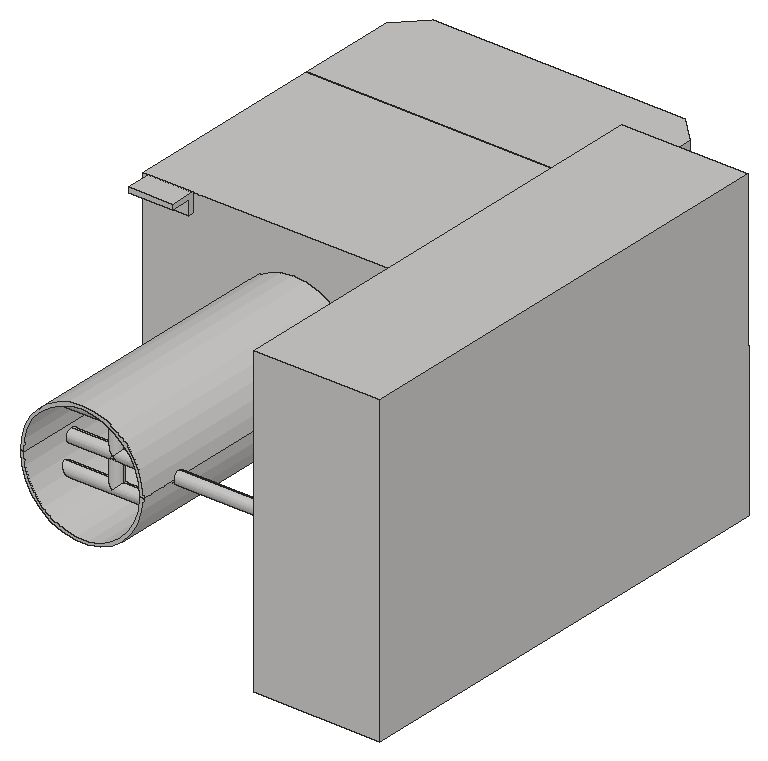
Revit family "Terminal_Unit-Carnes-AVWE-Single_Duct-Hot_Water-1_Row", category Mechanical Equipment, Revit 2012
Parameters (values of type "See Type Catalog")
  ecoScorecard_data = ""
  ecoScorecard Product Page = "http://ecoscorecard.com/"
  Warranty = ""
  Unit = Metal - Carnes - Steel
  URL = "http://www.carnes.com/index.html"
  Subcategory = "Air Volume Terminal Units"  # constant formula
  Spec Sheet URL = "http://www.carnes.com/terminalunits/pdf/20123.pdf"
  Product Page URL = "http://www.carnes.com/TerminalUnits/hwsingleduct.htm"
  Parts List URL = ""
  OD Connection Radius = OD Connection Diameter / 2  # 1/4"
  OD Connection Diameter = 1/2"
  OD Connection 2 = "OD Connection 2"  # constant formula
  OD Connection 1 = "OD Connection 1"  # constant formula
  Motor Type = ""
  Modeling Numbering System = "http://www.carnes.com/terminalunits/pdf/B32.pdf"
  Model = "AVWE05"
  Material = "Galvanized Steel"  # constant formula
  Manufacturer Toll Free Phone = ""
  Manufacturer Phone = "608-845-6411"
  Manufacturer Fax = "608-845-6470"
  Manufacturer Email = "mailto:carnes@carnes.com"
  Manufacturer Address = "448 S. Main St., P. O. Box 930040, Verona, WI 53593-0040"  # constant formula
  Manufacturer = "CARNES COMPANY"  # constant formula
  Inlet Width = 4 7/8"
  Inlet Radius = Inlet Width / 2  # 2 7/16"
  Inlet Height = 4 7/8"
  IOM Instructions URL = "http://www.carnes.com/terminalunits/pdf/18647.pdf"
  H = 3"
  G = 6 1/4"
  Flow Rate = 0.0 L/s
  F = 7 5/8"
  E = 17"
  Description = "Single Duct Terminal Units"  # constant formula
  Default Elevation = 0"
  Cost Info = "mailto:carnes@carnes.com"
  Catalog URL = "http://www.carnes.com/terminalunits/pdf/B28-33.pdf"
  CFM Range = "0-350 (0-165)"
  C = 23 5/8"
  B = 8"
  Assembly Code = "D3040200"
  A = 12"
  95 CSI = "15830"  # constant formula
  04 CSI = "23 34 23"  # constant formula
Reference planes (in)
  plane 1 "Center (Front/Back)": y = 0
  plane 2: z = 0
  plane 3 "Center (Left/Right)": x = 0
  plane 4: y = 11.8125
  plane 5: y = -11.8125
  plane 6: x = -6
  plane 7: x = 6
Dimensions and locks (in)
  equal spacing: plane 5, plane 1 "Center (Front/Back)", plane 4
  "C": plane 5 to plane 4
  equal spacing: plane 4, plane 1 "Center (Front/Back)", plane 5
  equal spacing: plane 6, plane 3 "Center (Left/Right)", plane 7
  "A": plane 6 to plane 7
  aligned and locked: level to plane 2
  aligned and locked: level to nested 1
  aligned and locked: nested 1 to plane 3 "Center (Left/Right)"
Nested families (in)
  nested 1: "1Row-New" at (0, 0, 6.0625) x (0, -1, 0) z (0, 0, 1), type "1Row-New"
Connectors (in)
  piping at (9, 9.3125, 9.1875), driven by "Flow Rate", driven by "OD Connection Radius", driven by "OD Connection 1"
    settings: on nested 1, index 1, connector radius 6.35 mm, flow factor 0, pipe flow 0.0 L/s, pressure drop 0.0 Pa, fitting loss kfactor 0, connector angle 0.00°, fixture units 0, engagement length 0", flow configuration 0, flow direction 0, fitting loss method 0, system type 7, joint type 0, gender type 0, connector reference index -1, connector utility 0, adjustable connector no, is connector primary yes, fitting loss table "", connector description "OD Connection 1"
  piping at (9, 9.3125, 2.9375), driven by "OD Connection 2", driven by "OD Connection Radius", driven by "Flow Rate"
    settings: on nested 1, index 2, connector radius 6.35 mm, flow factor 0, pipe flow 0.0 L/s, pressure drop 0.0 Pa, fitting loss kfactor 0, connector angle 0.00°, fixture units 0, engagement length 0", flow configuration 0, flow direction 0, fitting loss method 0, system type 8, joint type 0, gender type 0, connector reference index -1, connector utility 0, adjustable connector no, is connector primary no, fitting loss table "", connector description "OD Connection 2"
  hvac at (0, -11.8125, 6.0625), driven by "Inlet Radius", driven by "Flow Rate"
    settings: on nested 1, index 3, duct flow 0.0 L/s, flow factor 0, pres drop 0.0 Pa, loss coef 0, conn angle 0.00°, conn width 304.8 mm, conn height 304.8 mm, conn radius 61.913 mm, duct sys type 1, conn prof type 0, flow config 0, flow direction 1, loss method 0, conn ref index -1, conn util no, is conn primary yes, conn desc "Inlet"
  hvac at (0, 10.3125, 6.0625), driven by "B", driven by "A", driven by "Flow Rate"
    settings: on nested 1, index 4, duct flow 0.0 L/s, flow factor 0, pres drop 0.0 Pa, loss coef 0, conn angle 0.00°, conn width 304.8 mm, conn height 203.2 mm, conn radius 304.8 mm, duct sys type 1, conn prof type 1, flow config 0, flow direction 2, loss method 0, conn ref index -1, conn util no, is conn primary no, conn desc "Outlet"
Definition of nested family "1Row-New"
  Parameters (values of type "1Row-New")
    ff = 5"
    Unit = Metal - Carnes - Steel
    Square = C = 26 5/8"  # no
    Round-Duct = not(Square)  # yes
    Offset From base = 0"
    Lines = A > 13"  # no
    Line5 = Inlet Width > 15"  # no
    Line4 = Inlet Width = 4 7/8"  # yes
    Line3 = Inlet Width > 5"  # no
    Line2 = A > 19"  # no
    Inlet Height = 4 7/8"
    H = 3"
    G = 6 1/4"
    F = 7 5/8"
    E = 17"
    DD = D Rad + 2"  # 4 5/16"
    D/4 = Inlet Height / 4  # 1 7/32"
    D Rad = if(C = 26 5/8", Inlet Width / 2 + 6", Inlet Width / 2 - 1" / 8)  # 2 5/16"
    Inlet Width = 4 7/8"
    C = 23 5/8"
    Bracket Length = if(A = 12", 2", if(A = 14", 2", if(A = 14", 2", if(A = 16", 2", if(A = 20", 2 1/2", 3")))))  # 2"
    B = 8"
    A = 12"
  Reference planes (in)
    plane 1 "Center (Front/Back)": y = 0
    plane 2: z = 0
    plane 3 "Center (Left/Right)": x = 0
    plane 4: y = 6
    plane 5: y = -11
    plane 6: y = -6
    plane 7: z = 0
    plane 8: z = 3.8125
    plane 9: z = -3.8125
    plane 10: z = 4
    plane 11: z = -4
    plane 12: z = 2.4375
    plane 13: z = -2.4375
    plane 14: x = -11.8125
    plane 15: x = 11.8125
    plane 16: x = 10.8125
    plane 17: x = -7.4375
    plane 18: x = 1.3125
    plane 19: z = 6.0625
    plane 20: z = -6.0625
    plane 21: y = 2.4375
    plane 22: y = -2.4375
    plane 23: y = 2.3125
    plane 24: y = -1.6875
    plane 25: x = -6.8125
    plane 26: x = -2.75
    plane 27: z = 1.21875
    plane 28: z = -1.21875
    plane 29: x = 10.0625
    plane 30: y = 1.8125
    plane 31: z = 3.25
    plane 32: x = -5.25
    plane 33: x = -0.25
    plane 34: y = 6.25
    plane 35: x = 2.3125
    plane 36: y = -5.24442
    plane 37: y = 5.24442
    plane 38: y = -4
    plane 39: y = 4
    plane 40: x = 1.3125
  Forms (in)
    Extrusion 1, solid, material "Metal - Carnes - Steel" <- "Unit", detail levels medium+fine
      sketch origin (0, 0, 0) x (1, 0, 0) y (0, 1, 0)
        loop
          line (-7.4375, -11) -> (10.8125, -11) -> (10.8125, -6) -> (-7.4375, -6) -> (-7.4375, -11)
      from -6.0625 to 6.0625
    Extrusion 2, solid, material "Metal - Carnes - Steel" <- "Unit", detail levels medium+fine
      sketch origin (0, 0, 0) x (1, 0, 0) y (0, 1, 0)
        loop
          line (-6.8125, 6) -> (-6.8125, -6) -> (1.3125, -6) -> (1.3125, 6) -> (-6.8125, 6)
      from -4 to 4
    Extrusion 3, solid, material "Metal - Carnes - Steel" <- "Unit", detail levels fine
      sketch origin (-40.92857, 6, 47.24409) x (-1, 0, 0) y (0, 0, 1)
        loop
          line (-40.67857, -44.74409) -> (-40.67857, -49.74409) -> (-35.67857, -49.74409) -> (-35.67857, -44.74409) -> (-40.67857, -44.74409)
      from 0 to 0.25
    Sweep 4, solid, material "Metal - Carnes - Steel" <- "Unit", detail levels medium+fine
      path origin (10.0625, 0, 39.1875) x (0, 0, -1) y (0, 1, 0)
        loop
          line (37.96875, 2.3125) -> (37.96875, -2.3125)
      profile origin (10.0625, 0, 1.21875) x (0, 0, -1) y (1, 0, 0)
        loop
          circle (0, 0) r 0.25
        loop
          circle (2.4375, 0) r 0.25
    Sweep 5, solid, material "Metal - Carnes - Steel" <- "Unit", detail levels medium+fine
      path origin (10.0625, 0, 39.1875) x (0, 0, -1) y (0, 1, 0)
        loop
          line (40.40625, 0) -> (37.96875, 0)
      profile origin (10.0625, 0, 0) x (0, -1, 0) y (1, 0, 0)
        loop
          circle (0, 0) r 0.25
    Sweep 6, solid, material "Metal - Carnes - Steel" <- "Unit", detail levels medium+fine
      path origin (10.0625, 0, 36.68823) x (0, 0, -1) y (0, 1, 0)
        loop
          line (36.68823, -6) -> (36.68823, 1.8125)
      profile origin (10.0625, -2.09375, 0) x (0, 0, 1) y (1, 0, 0)
        loop
          circle (0, 0) r 0.25
    Extrusion 7, solid, material "Metal - Carnes - Steel" <- "Unit", detail levels fine
      sketch origin (1.3125, -60, 23.05387) x (0, 0, -1) y (0, 1, 0)
        loop
          line (19.05387, 64) -> (19.80387, 64) -> (19.80387, 65.75) -> (19.05387, 65.75) -> (19.05387, 64)
        loop
          line (19.05387, 56) -> (19.05387, 54.25) -> (19.80387, 54.25) -> (19.80387, 56) -> (19.05387, 56)
      from 0 to 1
    Extrusion 8, solid, material "Metal - Carnes - Steel" <- "Unit", detail levels coarse
      sketch origin (0, 0, 0) x (1, 0, 0) y (0, 1, 0)
        loop
          line (-11.8125, 6) -> (-11.8125, -11) -> (11.8125, -11) -> (11.8125, 6) -> (-11.8125, 6)
      from -3.8125 to 3.8125
    Sweep 9, solid, material "Metal - Carnes - Steel" <- "Unit", visible <- "Square", detail levels medium+fine
      path origin (-41.32693, -60, 0) x (-1, 0, 0) y (0, -1, 0)
        loop
          line (-42.63943, -60) -> (-53.13943, -60)
      profile origin (6.5625, 0, 0) x (0, 1, 0) y (0, 0, 1)
        loop
          line (-2.4375, -2.4375) -> (2.4375, -2.4375) -> (2.4375, 2.4375) -> (-2.4375, 2.4375) -> (-2.4375, -2.4375)
        loop
          line (2.3125, 2.3125) -> (-2.3125, 2.3125) -> (-2.3125, -2.3125) -> (2.3125, -2.3125) -> (2.3125, 2.3125)
    Revolve 10, solid, material "Metal - Carnes - Steel" <- "Unit", visible <- "Round-Duct", detail levels medium+fine
      sketch origin (-41.32693, -60, 0) x (-1, 0, 0) y (0, -1, 0)
        loop
          line (-42.63943, -62.3125) -> (-53.13943, -62.3125) -> (-53.13943, -62.4375) -> (-42.63943, -62.4375) -> (-42.63943, -62.3125)
        axis (-42.63943, -60) -> (-53.13943, -60)
      angle from 0 to 360
    Extrusion 11, void
      sketch origin (0, 0, 0) x (0, 1, 0) y (0, 0, 1)
        loop
          circle (0, 0) r 2.3125
        loop
          line (-4.3125, 4.3125) -> (-4.3125, -4.3125) -> (4.3125, -4.3125) -> (4.3125, 4.3125) -> (-4.3125, 4.3125)
      from 0 to 12
    Extrusion 12, void
      sketch origin (0, 0, 0) x (1, 0, 0) y (0, 0, 1)
        loop
          line (2.3125, 3.25) -> (2.3125, 3.8125) -> (1.5, 3.8125) -> (1.5, 3.25) -> (2.3125, 3.25)
      from 6 to -6
  Cuts and joins
    Extrusion 11 cuts Sweep 4
    joined: Sweep 4, Sweep 5
    Extrusion 12 cuts Extrusion 7
  Lines and regions (in)
    symbolic lines, detail levels coarse
      curve 1: line (-11.8125, 6, 0) -> (11.8125, 6, 0)
      curve 2: line (-11.8125, -11, 0) -> (-11.8125, 6, 0)
      curve 3: line (11.8125, -11, 0) -> (-11.8125, -11, 0)
      curve 4: line (11.8125, 6, 0) -> (11.8125, -11, 0)
      curve 20: line (0, 6, 6.0625) -> (0, -11, 6.0625)
      curve 22: line (0, 6, -6.0625) -> (0, -11, -6.0625)
      curve 23: line (0, 6, -6.0625) -> (0, 6, 6.0625)
      curve 25: line (0, -11, -6.0625) -> (0, -11, 6.0625)
      curve 39: line (-11.8125, 0, 3.8125) -> (11.8125, 0, 3.8125)
      curve 40: line (11.8125, 0, -3.8125) -> (11.8125, 0, 3.8125)
      curve 41: line (-11.8125, 0, -3.8125) -> (-11.8125, 0, 3.8125)
      curve 42: line (-11.8125, 0, -3.8125) -> (11.8125, 0, -3.8125)
    symbolic lines, detail levels medium+fine
      curve 5: line (1.3125, 6, 0) -> (-6.8125, 6, 0)
      curve 6: line (-7.4375, -6, 0) -> (10.8125, -6, 0)
      curve 7: line (-7.4375, -6, 0) -> (-7.4375, -11, 0)
      curve 8: line (-7.4375, -11, 0) -> (10.8125, -11, 0)
      curve 9: line (10.8125, -11, 0) -> (10.8125, -6, 0)
      curve 10: line (1.3125, -6, 0) -> (1.3125, 6, 0)
      curve 21: line (0, -11, -6.0625) -> (0, -11, 6.0625)
      curve 24: line (0, -6, 6.0625) -> (0, -11, 6.0625)
      curve 26: line (0, -6, -6.0625) -> (0, -6, 6.0625)
      curve 27: line (0, -6, -6.0625) -> (0, -11, -6.0625)
      curve 28: line (0, 6, 4) -> (0, -6, 4)
      curve 29: line (0, 6, -4) -> (0, -6, -4)
      curve 30: line (0, 6, -4) -> (0, 6, 4)
      curve 31: line (0, -5.75, 3.75) -> (0, 5.75, 3.75)
      curve 32: line (0, 5.75, 3.75) -> (0, 5.75, -3.75)
      curve 33: line (0, 5.75, -3.75) -> (0, -5.75, -3.75)
      curve 34: line (0, -5.75, -3.75) -> (0, -5.75, 3.75)
      curve 35: line (0, -5, -4) -> (0, -5, -3.75)
      curve 36: line (0, 5, -3.75) -> (0, 5, -4)
      curve 37: line (0, 5, 4) -> (0, 5, 3.75)
      curve 38: line (0, -5, 3.75) -> (0, -5, 4)
      curve 43: line (-7.4375, 0, 6.0625) -> (10.8125, 0, 6.0625)
      curve 44: line (-7.4375, 0, -6.0625) -> (10.8125, 0, -6.0625)
      curve 45: line (10.8125, 0, -6.0625) -> (10.8125, 0, 6.0625)
      curve 46: line (-7.4375, 0, -6.0625) -> (-7.4375, 0, 6.0625)
      curve 47: line (10.8125, 0, 2.4375) -> (11.8125, 0, 2.4375)
      curve 48: line (10.8125, 0, -2.4375) -> (11.8125, 0, -2.4375)
      curve 49: line (11.8125, 0, -2.4375) -> (11.8125, 0, 2.4375)
      curve 50: line (-6.8125, -6, 0) -> (-6.8125, 6, 0)
      curve 51: line (11.8125, -2.437, 0) -> (11.8125, 2.4375, 0)
      curve 52: line (1.3125, 2.4375, 0) -> (11.8125, 2.4375, 0)
      curve 53: line (1.3125, -2.437, 0) -> (11.8125, -2.437, 0)
      curve 54: line (9.8125, -6, 0) -> (9.8125, -2.437, 0)
      curve 55: line (10.3125, -6, 0) -> (10.3125, -2.4375, 0)
      curve 62: line (-6.8125, -6, 0) -> (-2.75, -6, 0)
    symbolic lines, detail levels fine
      curve 11: line (2.3125, 5.75, 0) -> (1.3125, 5.75, 0)
      curve 12: line (2.3125, -5.75, 0) -> (2.3125, -4, 0)
      curve 13: line (1.3125, 4, 0) -> (2.3125, 4, 0)
      curve 14: line (2.3125, -4, 0) -> (1.3125, -4, 0)
      curve 15: line (1.3125, -5.75, 0) -> (2.3125, -5.75, 0)
      curve 16: line (2.3125, 4, 0) -> (2.3125, 5.75, 0)
      curve 17: line (-5.25, 6.25, 0) -> (-5.25, 6, 0)
      curve 18: line (-5.25, 6.25, 0) -> (-0.25, 6.25, 0)
      curve 19: line (-0.25, 6.25, 0) -> (-0.25, 6, 0)
    symbolic lines, visible <- "Lines", detail levels medium+fine
      curve 56: line (-6.8125, 0, 4) -> (1.3125, 0, 4)
      curve 57: line (1.3125, 0, 6.0625) -> (1.3125, 0, 4)
      curve 60: line (1.3125, 0, -6.0625) -> (1.3125, 0, -4)
      curve 61: line (1.3125, 0, -4) -> (-7.4375, 0, -4)
      curve 63: line (0, -6, 4) -> (0, -6, 6.0625)
      curve 64: line (0, -6, -6.0625) -> (0, -6, -4)
    symbolic lines, visible <- "Line2", detail levels medium+fine
      curve 58: line (10.8125, 0, -2.4375) -> (1.3125, 0, -2.4375)
      curve 59: line (1.3125, 0, 2.4375) -> (10.8125, 0, 2.4375)
  Dimensions and locks (in)
    equal spacing: plane 6, plane 1 "Center (Front/Back)", plane 4
    "A": plane 6 to plane 4
    "Offset From base": plane 7 to level
    equal spacing: plane 8, plane 7, plane 9
    "F": plane 8 to plane 9
    equal spacing: plane 10, plane 7, plane 11
    "B": plane 10 to plane 11
    equal spacing: plane 12, plane 7, plane 13
    "Inlet Height": plane 12 to plane 13
    equal spacing: plane 14, plane 3 "Center (Left/Right)", plane 15
    "C": plane 15 to plane 14
    locked: plane 5 to plane 6 at 5
    locked: plane 16 to plane 15 at 1
    locked: plane 17 to plane 16 at 18.25
    locked: plane 18 to plane 15 at 10.5
    equal spacing: plane 19, plane 7, plane 20
    plane 19 to plane 20 = 12 1/8"
    equal spacing: plane 22, plane 1 "Center (Front/Back)", plane 21
    "Inlet Width": plane 22 to plane 21
    locked: plane 21 to plane 23 at 0.125
    locked: plane 22 to plane 24 at 0.75
    locked: plane 14 to plane 25 at 5
    equal spacing: plane 25, plane 26, plane 18
    locked: plane 15 to plane 29 at 1.75
    locked: plane 30 to plane 23 at 0.5
    locked: plane 10 to Extrusion 7 sketch curve at 0.75
    locked: plane 10 to plane 31 at 0.75
    curve 54 to plane 29 to curve 55 = 1/4" locked, 1/4" locked
    plane 32 to plane 26 to plane 33 = 2 1/2" locked, 2 1/2" locked
    locked: plane 34 to plane 4 at 0.25
    locked: plane 18 to plane 35 at 1
    "D/4": plane 12 to plane 27
    "D/4": plane 13 to plane 28
    "Bracket Length": plane 39 to plane 4
    "Bracket Length": plane 38 to plane 6
    locked: plane 12 to Sweep 9 sketch curve at 0.125
    locked: Sweep 9 sketch curve to plane 22 at 0.125
    locked: plane 13 to Sweep 9 sketch curve at 0.125
    locked: plane 21 to Sweep 9 sketch curve at 0.125
    equal spacing: Extrusion 11 sketch curve, plane 7, Extrusion 11 sketch curve
    "DD": Extrusion 11 sketch curve to plane 7
    equal spacing: Extrusion 11 sketch curve, plane 1 "Center (Front/Back)", Extrusion 11 sketch curve
    "DD": plane 1 "Center (Front/Back)" to Extrusion 11 sketch curve
    locked: plane 10 to Extrusion 12 sketch curve at 0.1875
    "ff": Extrusion 3 sketch curve to Extrusion 3 sketch curve  (x2)
    equal spacing: Extrusion 3 sketch curve, plane 26, Extrusion 3 sketch curve
    equal spacing: Extrusion 3 sketch curve, plane 7, Extrusion 3 sketch curve
    locked: plane 35 to plane 40 at 1
    locked: Extrusion 12 sketch curve to plane 40 at 0.1875
    "D Rad": radius of Extrusion 11 sketch curve
    aligned and locked: level to plane 2
    aligned and locked: plane 5 to Extrusion 1 sketch curve
    aligned and locked: Extrusion 1 sketch curve to plane 6
    aligned and locked: plane 16 to Extrusion 1 sketch curve
    aligned and locked: plane 17 to Extrusion 1 sketch curve
    aligned and locked: plane 19 to Extrusion 1
    aligned and locked: plane 20 to Extrusion 1
    aligned and locked: Extrusion 2 sketch curve to plane 4
    aligned and locked: plane 18 to Extrusion 2 sketch curve
    aligned and locked: Extrusion 2 sketch curve to plane 6
    aligned and locked: plane 10 to Extrusion 2
    aligned and locked: plane 11 to Extrusion 2
    aligned and locked: plane 25 to Extrusion 2 sketch curve
    aligned and locked: Sweep 4 sketch curve to plane 27  (x2)
    aligned and locked: Sweep 4 sketch curve to plane 29  (x2)
    aligned and locked: Sweep 4 sketch curve to plane 28
    aligned and locked: plane 1 "Center (Front/Back)" to Sweep 5 sketch curve
    aligned and locked: plane 29 to Sweep 5 sketch curve
    aligned and locked: plane 30 to Sweep 6 sketch curve
    aligned and locked: Sweep 6 sketch curve to plane 7
    aligned and locked: plane 6 to Sweep 6 sketch curve
    aligned and locked: Extrusion 7 sketch curve to plane 10
    aligned and locked: plane 10 to Extrusion 7 sketch curve
    aligned and locked: plane 7 to nested 1
    aligned and locked: Extrusion 7 to plane 31  (x2)
    aligned and locked: Extrusion 8 sketch curve to plane 4
    aligned and locked: plane 5 to Extrusion 8 sketch curve
    aligned and locked: curve 5 to nested 1
    aligned and locked: nested 1 to curve 6
    aligned and locked: curve 7 to Extrusion 1
    aligned and locked: curve 8 to Extrusion 1
    aligned and locked: curve 9 to Extrusion 1
    aligned and locked: Extrusion 7 to curve 11
    aligned and locked: curve 12 to Extrusion 7
    aligned and locked: curve 15 to Extrusion 7
    aligned and locked: Extrusion 7 to curve 16
    aligned and locked: plane 19 to curve 20
    aligned and locked: curve 21 to plane 5
    aligned and locked: curve 22 to plane 20
    aligned and locked: plane 4 to curve 23
    aligned and locked: plane 19 to curve 24
    aligned and locked: plane 6 to curve 26
    aligned and locked: curve 27 to plane 20
    aligned and locked: plane 10 to curve 28
    aligned and locked: curve 29 to plane 11
    aligned and locked: plane 4 to curve 30
    aligned and locked: curve 31 to nested 1
    aligned and locked: curve 32 to nested 1
    aligned and locked: curve 33 to nested 1
    aligned and locked: curve 34 to nested 1
    aligned and locked: nested 1 to curve 35
    aligned and locked: curve 36 to nested 1
    aligned and locked: nested 1 to curve 37
    aligned and locked: curve 38 to nested 1
    aligned and locked: curve 40 to plane 15
    aligned and locked: curve 43 to plane 19
    aligned and locked: plane 20 to curve 44
    aligned and locked: curve 45 to plane 16
    aligned and locked: curve 46 to plane 17
    aligned and locked: plane 13 to curve 48
    aligned and locked: curve 49 to plane 15
    aligned and locked: plane 15 to curve 51
    aligned and locked: plane 6 to curve 55
    aligned and locked: plane 6 to curve 54
    aligned and locked: plane 9 to Extrusion 8
    aligned and locked: plane 8 to Extrusion 8
    aligned and locked: plane 14 to Extrusion 8
    aligned and locked: Extrusion 8 to plane 15
    aligned and locked: curve 39 to plane 8
    aligned and locked: curve 41 to plane 14
    aligned and locked: plane 9 to curve 42
    aligned and locked: curve 56 to plane 10
    aligned and locked: curve 57 to plane 18
    aligned and locked: curve 59 to curve 57
    aligned and locked: curve 59 to plane 12
    aligned and locked: plane 25 to nested 1
    aligned and locked: plane 14 to nested 1
    aligned and locked: curve 19 to plane 33
    aligned and locked: plane 32 to curve 17
    aligned and locked: curve 18 to plane 34
    aligned and locked: plane 25 to curve 5
    aligned and locked: nested 1 to curve 56
    aligned and locked: curve 58 to curve 60
    aligned and locked: curve 61 to Extrusion 2
    aligned and locked: plane 25 to curve 62
    aligned and locked: plane 26 to curve 62
    aligned and locked: curve 62 to plane 6
    aligned and locked: curve 24 to curve 63
    aligned and locked: curve 63 to Extrusion 2
    aligned and locked: curve 63 to curve 26
    aligned and locked: curve 27 to curve 64
    aligned and locked: Extrusion 2 to curve 64
    aligned and locked: curve 64 to curve 26
    aligned and locked: plane 39 to curve 13
    aligned and locked: curve 14 to plane 38
    aligned and locked: Extrusion 7 to plane 38
    aligned and locked: plane 39 to Extrusion 7
    aligned and locked: plane 15 to Sweep 9 sketch curve
    aligned and locked: plane 18 to Sweep 9 sketch curve
    aligned and locked: plane 1 "Center (Front/Back)" to Sweep 9 sketch curve
    aligned and locked: Sweep 9 sketch curve to plane 22
    aligned and locked: plane 12 to Sweep 9 sketch curve
    aligned and locked: plane 21 to Sweep 9 sketch curve
    aligned and locked: Sweep 9 sketch curve to plane 13
    aligned and locked: Sweep 9 to Sweep 4 sketch curve  (x2)
    aligned and locked: Extrusion 1 to curve 58
    aligned and locked: Extrusion 1 to curve 59
    aligned and locked: Extrusion 2 to curve 53
    aligned and locked: Extrusion 2 to curve 52
    aligned and locked: Sweep 9 to curve 55
    aligned and locked: curve 52 to plane 21
    aligned and locked: Revolve 10 sketch curve to plane 23
    aligned and locked: Revolve 10 sketch curve to plane 21
    aligned and locked: plane 15 to Revolve 10 sketch curve
    aligned and locked: plane 18 to Revolve 10 sketch curve
    aligned and locked: plane 1 "Center (Front/Back)" to Revolve 10 sketch curve
    aligned and locked: plane 7 to Extrusion 11 sketch curve
    aligned and locked: plane 1 "Center (Front/Back)" to Extrusion 11 sketch curve
    aligned and locked: Extrusion 8 to Extrusion 12
    aligned and locked: Extrusion 12 to Extrusion 1
    aligned and locked: cut or joined group of Extrusion 7, Extrusion 12 to plane 35
    aligned and locked: cut or joined group of Extrusion 7, Extrusion 12 to plane 40
    aligned and locked: Extrusion 12 sketch curve to plane 35
  Automatic sketch dimensions
    Sweep 5 sketch curve to plane 1 "Center (Front/Back)" = 0"
    Sweep 5 sketch curve to plane 27 = 0"
    plane 28 to Sweep 5 sketch curve = 0"
    Sweep 6 sketch curve to plane 29 = 0"
    Sweep 6 sketch curve to profile plane = 0"
    curve 61 to plane 25 = 5/8"
    plane 5 to curve 3 = 0"
    curve 3 to plane 14 = 0"
    plane 5 to curve 8 = 0"
    curve 8 to plane 17 = 0"
    plane 35 to curve 16 = 0"
    plane 35 to curve 15 = 0"
    curve 9 to plane 16 = 0"
    curve 4 to plane 4 = 0"
    curve 4 to plane 15 = 0"
    curve 17 to plane 4 = 0"
    plane 6 to curve 15 = 1/4"
    curve 16 to plane 4 = 1/4"
    Extrusion 7 sketch curve to plane 31 = 0"
    Extrusion 8 sketch curve to plane 14 = 0"
    Extrusion 8 sketch curve to plane 15 = 0"
    plane 4 to Extrusion 7 sketch curve = 1/4"
    Extrusion 7 sketch curve to plane 21 = 1 9/16"
    Extrusion 7 sketch curve to plane 22 = 1 9/16"
    Extrusion 7 sketch curve to plane 6 = 1/4"
    curve 58 to plane 18 = 0"
    curve 47 to plane 12 = 0"
    curve 54 to plane 22 = 0.0005"
    Revolve 10 sketch curve to plane 29 = 1 3/4"
    Revolve 10 sketch curve to Revolve 10 sketch curve = 3"
    Extrusion 12 sketch curve to plane 31 = 0"
    radius of Sweep 5 sketch curve = 1/4"
    radius of Sweep 6 sketch curve = 1/4"
    radius of Sweep 4 sketch curve = 1/4"  (x2)
  Nested families (in)
    nested 1: "Family3" at (-9.3125, 0, -4) x (0, 1, 0) z (0, 0, 1), type "Family3"
      with Thickness 5", G 6 1/4", B 8"
  Definition of nested family "Family3"
    Parameters (values of type "Family3")
      Unit = Metal - Carnes - Steel
      Thickness [instance] = 7.38026"
      Lines = A > 13"  # no
      Line = A > 20"  # no
      Hatch = Metal - Carnes - Aluminium
      H = 3"
      G = 8 3/4"
      B = 10"
      A = 12"
    Reference planes (in)
      plane 1 "Center (Front/Back)": y = 0
      plane 2: z = 0
      plane 3 "Center (Left/Right)": x = 0
      plane 4: x = -6
      plane 5: x = 6
      plane 6: z = 10
      plane 7: x = -9
      plane 8: z = 9.375
      plane 9 "Center": z = 5
      plane 10: z = 0.625
      plane 11: y = 3.69013
      plane 12: y = -3.69013
      plane 13: x = 6.69576
      plane 14: y = 0.25
      plane 15: y = -0.25
      plane 16: z = 1.875
      plane 17: z = 3.125
      plane 18: z = 4.375
      plane 19: z = 5.625
      plane 20: z = 6.875
      plane 21: z = 8.125
      plane 22: y = -3.06513
      plane 23: z = 11.0625
      plane 24: z = -1.0625
      plane 25: y = -4.44013
    Forms (in)
      Sweep 1, solid, material "Metal - Carnes - Steel" <- "Unit", detail levels medium+fine
        path origin (0, 0, 0) x (1, 0, 0) y (0, 0, 1)
          loop
            line (-9, 0.625) -> (6, 0.625)
            arc (6, 0.625) -> (6.625, 1.25) -> (6, 1.875) r 0.625
            line (6, 1.875) -> (-6, 1.875)
            arc (-6, 1.875) -> (-6.625, 2.5) -> (-6, 3.125) r 0.625
            line (-6, 3.125) -> (6, 3.125)
            arc (6, 3.125) -> (6.625, 3.75) -> (6, 4.375) r 0.625
            line (6, 4.375) -> (-6, 4.375)
            arc (-6, 4.375) -> (-6.625, 5) -> (-6, 5.625) r 0.625
            line (-6, 5.625) -> (6, 5.625)
            arc (6, 5.625) -> (6.625, 6.25) -> (6, 6.875) r 0.625
            line (6, 6.875) -> (-6, 6.875)
            arc (-6, 6.875) -> (-6.625, 7.5) -> (-6, 8.125) r 0.625
            line (-6, 8.125) -> (6, 8.125)
            arc (6, 8.125) -> (6.625, 8.75) -> (6, 9.375) r 0.625
            line (6, 9.375) -> (-9, 9.375)
        profile origin (-1.5, 0, 0.625) x (0, 0, 1) y (0, -1, 0)
          loop
            circle (0, 0) r 0.25
      Extrusion 2, solid, material "Metal - Carnes - Steel" <- "Unit", detail levels medium+fine
        sketch origin (0, 0, 0) x (1, 0, 0) y (0, 0, 1)
          loop
            line (-6, 0) -> (6, 0) -> (6, 10) -> (-6, 10) -> (-6, 0)
          loop
            line (-5.75, 9.75) -> (-5.75, 0.25) -> (5.75, 0.25) -> (5.75, 9.75) -> (-5.75, 9.75)
        from -3.69013 to 3.69013
      Extrusion 3, solid, material "Metal - Carnes - Aluminium" <- "Hatch", detail levels medium+fine
        sketch origin (0, 0, 0) x (1, 0, 0) y (0, 0, 1)
          loop
            line (-5.75, 9.75) -> (-5.75, 0.25) -> (5.75, 0.25) -> (5.75, 9.75) -> (-5.75, 9.75)
        from -1 to 1
      Extrusion 4, void
        sketch origin (0, 0, 0) x (1, 0, 0) y (0, 1, 0)
          loop
            line (-6, 4.44013) -> (-6, 2.69013) -> (-5, 3.69013) -> (-5, 4.44013) -> (-6, 4.44013)
          loop
            line (6, 4.44013) -> (5, 4.44013) -> (5, 3.69013) -> (6, 2.69013) -> (6, 4.44013)
        from 10 to 0
    Cuts and joins
      Extrusion 4 cuts Sweep 1
      Extrusion 4 cuts Extrusion 2
      joined: Sweep 1, Extrusion 2
    Lines and regions (in)
      symbolic lines, detail levels medium+fine
        curve 1: line (5, 3.69013, 0) -> (-5, 3.69013, 0)
        curve 2: line (-5, 3.69013, 0) -> (-6, 2.69013, 0)
        curve 3: line (-6, 2.69013, 0) -> (-6, -3.69013, 0)
        curve 4: line (-6, -3.69013, 0) -> (6, -3.69013, 0)
        curve 5: line (6, -3.69013, 0) -> (6, 2.69013, 0)
        curve 6: line (6, 2.69013, 0) -> (5, 3.69013, 0)
        curve 7: line (-9, 0.25, 0) -> (-6, 0.25, 0)
        curve 8: line (-9, -0.25, 0) -> (-6, -0.25, 0)
        curve 9: line (-9, -0.25, 0) -> (-9, 0.25, 0)
        curve 10: line (6, 0.25, 0) -> (6.44576, 0.25, 0)
        curve 11: line (6, -0.25, 0) -> (6.44576, -0.25, 0)
        curve 12: arc (6.44576, 0.25, 0) -> (6.69576, 0, 0) -> (6.44576, -0.25, 0) r 0.25
        curve 13: line (0, 3.69013, 10) -> (0, -3.06513, 10)
        curve 14: line (0, -3.06513, 0) -> (0, 3.69013, 0)
        curve 15: line (0, 3.69013, 0) -> (0, 3.69013, 0.25)
        curve 16: line (0, 3.69013, 0.25) -> (0, 2.94013, 0.25)
        curve 17: line (0, 2.94013, 0.25) -> (0, 2.94013, 9.75)
        curve 18: line (0, 2.94013, 9.75) -> (0, 3.69013, 9.75)
        curve 19: line (0, 2.69013, 10) -> (0, 2.69013, 0)
        curve 20: line (0, 3.69013, 9.75) -> (0, 3.69013, 10)
        curve 21: arc (6, 0, 9.625) -> (6.875, 0, 8.75) -> (6, 0, 7.875) r 0.875
        curve 22: arc (6, 0, 8.375) -> (6.375, 0, 8.75) -> (6, 0, 9.125) r 0.375
        curve 23: arc (6, 0, 5.875) -> (6.375, 0, 6.25) -> (6, 0, 6.625) r 0.375
        curve 24: arc (6, 0, 5.375) -> (6.875, 0, 6.25) -> (6, 0, 7.125) r 0.875
        curve 25: arc (6, 0, 3.375) -> (6.375, 0, 3.75) -> (6, 0, 4.125) r 0.375
        curve 26: arc (6, 0, 2.875) -> (6.875, 0, 3.75) -> (6, 0, 4.625) r 0.875
        curve 27: arc (6, 0, 0.875) -> (6.375, 0, 1.25) -> (6, 0, 1.625) r 0.375
        curve 28: arc (6, 0, 0.375) -> (6.875, 0, 1.25) -> (6, 0, 2.125) r 0.875
        curve 29: arc (-6, 0, 7.125) -> (-6.375, 0, 7.5) -> (-6, 0, 7.875) r 0.375
        curve 30: arc (-6, 0, 6.625) -> (-6.875, 0, 7.5) -> (-6, 0, 8.375) r 0.875
        curve 31: arc (-6, 0, 4.625) -> (-6.375, 0, 5) -> (-6, 0, 5.375) r 0.375
        curve 32: arc (-6, 0, 4.125) -> (-6.875, 0, 5) -> (-6, 0, 5.875) r 0.875
        curve 33: arc (-6, 0, 2.125) -> (-6.375, 0, 2.5) -> (-6, 0, 2.875) r 0.375
        curve 34: arc (-6, 0, 1.625) -> (-6.875, 0, 2.5) -> (-6, 0, 3.375) r 0.875
        curve 35: line (-6, 0, 9.625) -> (-9, 0, 9.625)
        curve 36: line (-9, 0, 9.625) -> (-9, 0, 9.125)
        curve 37: line (-9, 0, 9.125) -> (-6, 0, 9.125)
        curve 38: line (-6, 0, 0.875) -> (-9, 0, 0.875)
        curve 39: line (-9, 0, 0.875) -> (-9, 0, 0.375)
        curve 40: line (-9, 0, 0.375) -> (-6, 0, 0.375)
        curve 41: arc (0, 0, 9.625) -> (0, -0.25, 9.375) -> (0, 0, 9.125) r 0.25
        curve 42: arc (0, 0, 9.125) -> (0, 0.25, 9.375) -> (0, 0, 9.625) r 0.25
        curve 43: line (0, -0.25, 6.875) -> (0, -0.25, 8.125)
        curve 44: line (0, 0.25, 6.875) -> (0, 0.25, 8.125)
        curve 45: arc (0, 0.25, 8.125) -> (0, 0, 8.375) -> (0, -0.25, 8.125) r 0.25
        curve 46: arc (0, 0.25, 6.875) -> (0, 0, 6.625) -> (0, -0.25, 6.875) r 0.25
        curve 47: line (0, -0.25, 4.375) -> (0, -0.25, 5.625)
        curve 48: line (0, 0.25, 4.375) -> (0, 0.25, 5.625)
        curve 49: arc (0, 0.25, 5.625) -> (0, 0, 5.875) -> (0, -0.25, 5.625) r 0.25
        curve 50: arc (0, 0.25, 4.375) -> (0, 0, 4.125) -> (0, -0.25, 4.375) r 0.25
        curve 51: line (0, -0.25, 1.875) -> (0, -0.25, 3.125)
        curve 52: line (0, 0.25, 1.875) -> (0, 0.25, 3.125)
        curve 53: arc (0, 0.25, 3.125) -> (0, 0, 3.375) -> (0, -0.25, 3.125) r 0.25
        curve 54: arc (0, 0.25, 1.875) -> (0, 0, 1.625) -> (0, -0.25, 1.875) r 0.25
        curve 55: arc (0, 0, 0.375) -> (0, -0.25, 0.625) -> (0, 0, 0.875) r 0.25
        curve 56: arc (0, 0, 0.875) -> (0, 0.25, 0.625) -> (0, 0, 0.375) r 0.25
      symbolic lines, visible <- "Lines", detail levels medium+fine
        curve 57: line (0, -3.69013, 0) -> (0, -3.69013, -1.0625)
        curve 58: line (0, -3.69013, 11.0625) -> (0, -3.69013, 10)
        curve 60: line (0, -3.06513, 10) -> (0, -3.69013, 10)
        curve 61: line (0, -3.06513, 0) -> (0, -3.69013, 0)
      symbolic lines, visible <- "Line", detail levels medium+fine
        curve 59: line (0, -3.69013, 11.0625) -> (0, -3.69013, -1.0625)
    Dimensions and locks (in)
      equal spacing: plane 5, plane 3 "Center (Left/Right)", plane 4
      "A": plane 5 to plane 4
      "B": plane 6 to level
      "H": plane 7 to plane 4
      equal spacing: plane 6, plane 9 "Center", level
      equal spacing: plane 8, plane 9 "Center", plane 10
      "G": plane 8 to plane 10
      equal spacing: plane 8, Sweep 1 sketch curve, Sweep 1 sketch curve, Sweep 1 sketch curve, Sweep 1 sketch curve, Sweep 1 sketch curve, Sweep 1 sketch curve, plane 10
      equal spacing: plane 12, plane 1 "Center (Front/Back)", plane 11
      "Thickness": plane 12 to plane 11
      locked: Extrusion 2 sketch curve to Extrusion 2 sketch curve at 0.25
      locked: plane 5 to Extrusion 2 sketch curve at 0.25
      locked: Extrusion 2 sketch curve to level at 0.25
      locked: plane 4 to Extrusion 2 sketch curve at 0.25
      locked: plane 5 to plane 13 at 0.69576
      plane 15 to plane 1 "Center (Front/Back)" to plane 14 = 1/4" locked, 1/4" locked
      equal spacing: plane 8, plane 21, plane 20, plane 19, plane 18, plane 17, plane 16, plane 10
      locked: plane 8 to curve 21 at 0.25
      locked: curve 21 to plane 21 at 0.25
      locked: curve 22 to plane 8 at 0.25
      locked: plane 21 to curve 22 at 0.25
      locked: plane 20 to curve 24 at 0.25
      locked: curve 24 to plane 19 at 0.25
      locked: curve 28 to plane 10 at 0.25
      locked: plane 16 to curve 28 at 0.25
      locked: plane 18 to curve 26 at 0.25
      locked: curve 26 to plane 17 at 0.25
      locked: plane 17 to curve 25 at 0.25
      locked: curve 25 to plane 18 at 0.25
      locked: curve 23 to plane 20 at 0.25
      locked: plane 19 to curve 23 at 0.25
      locked: curve 27 to plane 16 at 0.25
      locked: plane 10 to curve 27 at 0.25
      locked: plane 21 to curve 30 at 0.25
      locked: curve 29 to plane 21 at 0.25
      locked: plane 20 to curve 29 at 0.25
      locked: curve 30 to plane 20 at 0.25
      curve 31 to plane 19 to curve 32 = 1/4" locked, 1/4" locked
      curve 32 to plane 18 to curve 31 = 1/4" locked, 1/4" locked
      curve 33 to plane 17 to curve 34 = 1/4" locked, 1/4" locked
      curve 34 to plane 16 to curve 33 = 1/4" locked, 1/4" locked
      locked: plane 21 to curve 45 at 0.25
      locked: curve 46 to plane 20 at 0.25
      locked: plane 19 to curve 49 at 0.25
      locked: curve 50 to plane 18 at 0.25
      locked: plane 17 to curve 53 at 0.25
      locked: curve 54 to plane 16 at 0.25
      locked: plane 22 to plane 12 at 0.625
      locked: plane 23 to plane 9 "Center" at 6.0625
      locked: plane 9 "Center" to plane 24 at 6.0625
      locked: plane 12 to plane 25 at 0.75
      aligned and locked: level to plane 2
      aligned and locked: Sweep 1 sketch curve to plane 8
      aligned and locked: Extrusion 2 sketch curve to plane 4
      aligned and locked: Extrusion 2 sketch curve to plane 6
      aligned and locked: Extrusion 2 sketch curve to level
      aligned and locked: plane 5 to Extrusion 2 sketch curve
      aligned and locked: plane 11 to Extrusion 2
      aligned and locked: plane 12 to Extrusion 2
      aligned and locked: Extrusion 3 sketch curve to Extrusion 2  (x4)
      aligned and locked: Extrusion 4 to plane 6
      aligned and locked: Extrusion 4 to level
      aligned and locked: plane 7 to Sweep 1 sketch curve  (x2)
      aligned and locked: curve 1 to cut or joined group of Sweep 1, Extrusion 2, Extrusion 4
      aligned and locked: curve 2 to cut or joined group of Sweep 1, Extrusion 2, Extrusion 4
      aligned and locked: curve 3 to cut or joined group of Sweep 1, Extrusion 2, Extrusion 4
      aligned and locked: curve 4 to cut or joined group of Sweep 1, Extrusion 2, Extrusion 4
      aligned and locked: curve 5 to cut or joined group of Sweep 1, Extrusion 2, Extrusion 4
      aligned and locked: curve 6 to cut or joined group of Sweep 1, Extrusion 2, Extrusion 4
      aligned and locked: curve 9 to plane 7
      aligned and locked: curve 10 to plane 14
      aligned and locked: plane 15 to curve 11
      aligned and locked: curve 13 to cut or joined group of Sweep 1, Extrusion 2, Extrusion 4
      aligned and locked: cut or joined group of Sweep 1, Extrusion 2, Extrusion 4 to curve 14
      aligned and locked: curve 15 to cut or joined group of Sweep 1, Extrusion 2, Extrusion 4
      aligned and locked: curve 16 to cut or joined group of Sweep 1, Extrusion 2, Extrusion 4
      aligned and locked: curve 17 to cut or joined group of Sweep 1, Extrusion 2, Extrusion 4
      aligned and locked: cut or joined group of Sweep 1, Extrusion 2, Extrusion 4 to curve 18
      aligned and locked: curve 19 to cut or joined group of Sweep 1, Extrusion 2, Extrusion 4
      aligned and locked: plane 11 to cut or joined group of Sweep 1, Extrusion 2, Extrusion 4
      aligned and locked: cut or joined group of Sweep 1, Extrusion 2, Extrusion 4 to curve 22
      aligned and locked: cut or joined group of Sweep 1, Extrusion 2, Extrusion 4 to curve 23
      aligned and locked: cut or joined group of Sweep 1, Extrusion 2, Extrusion 4 to curve 24
      aligned and locked: cut or joined group of Sweep 1, Extrusion 2, Extrusion 4 to curve 25
      aligned and locked: cut or joined group of Sweep 1, Extrusion 2, Extrusion 4 to curve 26
      aligned and locked: cut or joined group of Sweep 1, Extrusion 2, Extrusion 4 to curve 27
      aligned and locked: cut or joined group of Sweep 1, Extrusion 2, Extrusion 4 to curve 28
      aligned and locked: cut or joined group of Sweep 1, Extrusion 2, Extrusion 4 to curve 29
      aligned and locked: cut or joined group of Sweep 1, Extrusion 2, Extrusion 4 to curve 30
      aligned and locked: cut or joined group of Sweep 1, Extrusion 2, Extrusion 4 to curve 31
      aligned and locked: cut or joined group of Sweep 1, Extrusion 2, Extrusion 4 to curve 32
      aligned and locked: cut or joined group of Sweep 1, Extrusion 2, Extrusion 4 to curve 33
      aligned and locked: cut or joined group of Sweep 1, Extrusion 2, Extrusion 4 to curve 34
      aligned and locked: curve 36 to cut or joined group of Sweep 1, Extrusion 2, Extrusion 4
      aligned and locked: cut or joined group of Sweep 1, Extrusion 2, Extrusion 4 to curve 37
      aligned and locked: cut or joined group of Sweep 1, Extrusion 2, Extrusion 4 to curve 38  (x2)
      aligned and locked: cut or joined group of Sweep 1, Extrusion 2, Extrusion 4 to curve 40
      aligned and locked: curve 41 to cut or joined group of Sweep 1, Extrusion 2, Extrusion 4
      aligned and locked: curve 42 to cut or joined group of Sweep 1, Extrusion 2, Extrusion 4
      aligned and locked: curve 43 to plane 15
      aligned and locked: plane 14 to curve 44
      aligned and locked: curve 55 to cut or joined group of Sweep 1, Extrusion 2, Extrusion 4
      aligned and locked: curve 56 to cut or joined group of Sweep 1, Extrusion 2, Extrusion 4
      aligned and locked: plane 15 to curve 51
      aligned and locked: curve 52 to plane 14
      aligned and locked: plane 15 to curve 47
      aligned and locked: curve 48 to plane 14
      aligned and locked: curve 59 to plane 12
      aligned and locked: plane 23 to curve 59
      aligned and locked: plane 24 to curve 59
      aligned and locked: plane 22 to curve 14
      aligned and locked: plane 22 to curve 13
      aligned and locked: plane 12 to curve 60
      aligned and locked: curve 60 to plane 6
      aligned and locked: plane 12 to curve 61
      aligned and locked: curve 61 to level
    Automatic sketch dimensions
      curve 20 to plane 11 = 0"
      curve 16 to plane 11 = 0"
      level to curve 16 = 1/4"
      curve 21 to curve 22 = 0"
      plane 4 to curve 35 = 0"
      plane 10 to curve 39 = 1/4"
      curve 38 to plane 10 = 1/4"
      curve 36 to plane 8 = 1/4"
      plane 8 to curve 35 = 1/4"
      curve 3 to plane 4 = 0"
      curve 8 to plane 4 = 0"
      curve 7 to plane 4 = 0"
      curve 1 to plane 11 = 0"
      curve 5 to plane 5 = 0"
      plane 12 to curve 4 = 0"
      curve 8 to plane 15 = 0"
      curve 7 to plane 14 = 0"
      curve 1 to plane 4 = 1"
      curve 1 to plane 5 = 1"
      plane 13 to curve 10 = 1/4"
      curve 6 to plane 11 = 1"
      curve 3 to plane 11 = 1"
      plane 4 to Sweep 1 sketch curve = 0"  (x3)
      Sweep 1 sketch curve to plane 5 = 0"  (x4)
      Sweep 1 sketch curve to plane 10 = 0"
      Sweep 1 sketch curve to plane 1 "Center (Front/Back)" = 0"
      profile plane to Sweep 1 sketch curve = 0"
      Extrusion 4 sketch curve to plane 4 = 0"
      Extrusion 4 sketch curve to plane 11 = 0"  (x2)
      Extrusion 4 sketch curve to plane 5 = 0"
      Extrusion 4 sketch curve to plane 4 = 1"
      Extrusion 4 sketch curve to plane 5 = 1"
      Extrusion 4 sketch curve to plane 11 = 1"  (x2)
      plane 11 to Extrusion 4 sketch curve = 3/4"  (x2)
      radius of Sweep 1 sketch curve = 1/4"
Types in the file's own list only (10): name | OD Connection Radius | OD Connection Diameter | Model | Inlet Width | Inlet Radius | Inlet Height | H | G | F | E | CFM Range | C | B | A
  AVWE05 | 1/4" | 1/2" | "AVWE05" | 4 7/8" | 2 7/16" | 4 7/8" | 3" | 6 1/4" | 7 5/8" | 17" | "0-350 (0-165)" | 23 5/8" | 8" | 12"
  AVWE06 | 1/4" | 1/2" | "AVWE06" | 5 7/8" | 2 15/16" | 5 7/8" | 3" | 6 1/4" | 7 5/8" | 17" | "0-500 (0-236)" | 23 5/8" | 8" | 12"
  AVWE07 | 1/4" | 1/2" | "AVWE07" | 6 7/8" | 3 7/16" | 6 7/8" | 3" | 8 3/4" | 10 1/8" | 17" | "0-700 (0-330)" | 23 5/8" | 10" | 12"
  AVWE08 | 1/4" | 1/2" | "AVWE08" | 7 7/8" | 3 15/16" | 7 7/8" | 3" | 8 3/4" | 10 1/8" | 17" | "0-1000 (0-472)" | 23 5/8" | 10" | 12"
  AVWE10 | 1/4" | 1/2" | "AVWE10" | 9 7/8" | 4 15/16" | 9 7/8" | 3" | 11 1/4" | 12 5/8" | 19" | "0-1500 (0-708)" | 23 5/8" | 12 1/2" | 14"
  AVWE12 | 5/16" | 5/8" | "AVWE12" | 11 7/8" | 5 15/16" | 11 7/8" | 3 1/2" | 13 3/4" | 15 1/8" | 21" | "0-2300 (0-1085)" | 23 5/8" | 15" | 16"
  AVWE14 | 5/16" | 5/8" | "AVWE14" | 13 7/8" | 6 15/16" | 13 7/8" | 3 1/2" | 16 1/4" | 17 5/8" | 25" | "0-3100 (0-1463)" | 23 5/8" | 17 1/2" | 20"
  AVWE16 | 5/16" | 5/8" | "AVWE16" | 15 7/8" | 7 15/16" | 15 7/8" | 3 1/2" | 16 1/4" | 17 5/8" | 29" | "0-4200 (0-1982)" | 24 5/8" | 18" | 24"
  AVWE18 | 5/16" | 5/8" | "AVWE18" | 17 7/8" | 8 15/16" | 15 7/8" | 3 1/2" | 16 1/4" | 17 5/8" | 37" | "0-5500 (0-2596)" | 26 5/8" | 17 1/2" | 32"
  AVWE24 | 5/16" | 5/8" | "AVWE24" | 23 7/8" | 11 15/16" | 15 7/8" | 3 1/2" | 16 1/4" | 17 5/8" | 37" | "0-7300 (0-3445)" | 26 5/8" | 17 1/2" | 32"
